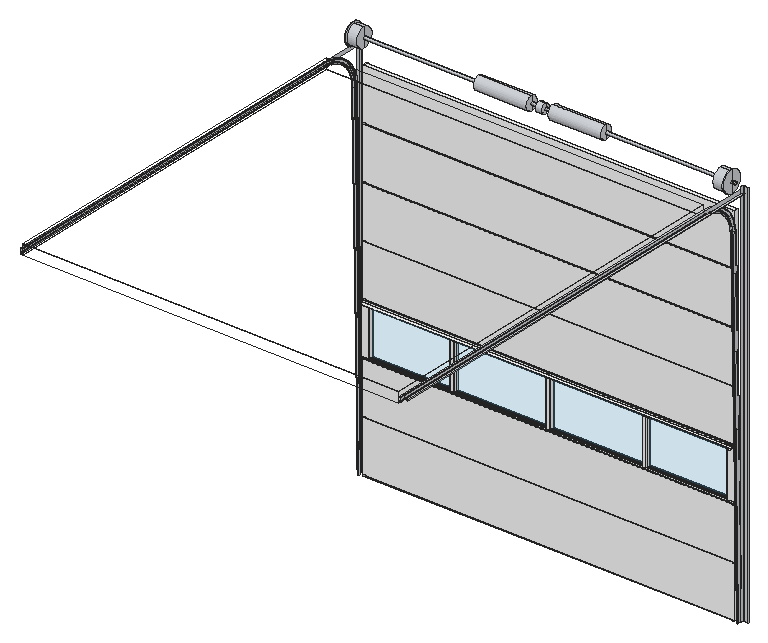
Revit family
Parameters (values of type "By Type")
  Windload = "Doors available rated for various design pressures; consult Clopay for avaialbility and specifications"
  VisSection6 = NumSections = 6  # no
  VisSection5 = NumSections > 4  # yes
  VisSection4 = NumSections > 3  # yes
  VisSection3 = NumSections > 2  # yes
  VisArray = NumSections > 6  # yes
  URL = "www.clopaydoor.com"
  Track Type = Track - Standard Lift : 15" Radius
  Track = "Galvanized steel (gauge varies according to door size)"
  Thickness = 0' - 2"  # constant formula
  Spec Wizard = "http://www.arcat.com/specwizard/08360clo/index.htm"
  Section Height = Height / NumSections  # 2' - 0"
  Section 5 Glazing = 3200 Section : Solid
  Section 4 Glazing = 3200 Section : Solid
  Section 3 Glazing = Full Vision Section : Intermediate
  Sales Information = "http://www.clopaydoor.com/where-to-buy.aspx?type=dealer"
  Rough Width = 0' - 0"  # constant formula
  Rough Height = 0' - 0"  # constant formula
  Roof Pitch = 0
  R-Value = "9.1"
  Product Features and Benefits = "http://www.clopaydoor.com/insulated-polystyrene-applications.aspx"
  Overlapping Jamb = yes
  Overlap = if(Overlapping Jamb, 0' 1", 0' 0")  # 0' - 1"
  Opening Width = 14' - 0"
  Opening Height = 14' - 0"
  Opener - Jackshaft Right Side = no
  Opener - Trolley = no
  Opener - Jackshaft Left Side = no
  Omniclass Table = "23-30 10 17 37 "
  NumSectionsNotRounded = Height / 2' 0"  # 7
  NumSections = NumSectionsNotRounded + 0.4999  # 7
  NumArraySections = if(NumSections > 6, NumSections - 5, 2)  # 2
  Model = "3200"
  Maximum Size = "Maximum 26' 2'' wide by 24' 0'' high. Additional limitations may apply do to door weight. Consult Clopay for specificiations and shop drawings."  # constant formula
  Manufacturer Website = "http://www.clopaydoor.com"
  Manufacturer Phone Number = "1-800-526-4301"
  Manufacturer Address = "1400 W. Market St., Troy, OH 45373"
  Manufacturer = "Clopay Building Products Company"
  LEED = "http://products.construction.com/swts_content_files/151607/303186.pdf"
  Keynote = "08 36 13"
  Interior Steel = "28 ga. galvanized, primed, and finish painted"
  High Lift = 4' - 0"
  Hardware = "14 ga. min. steel hinges; 10-ball steel rollers"
  GreenFormat = "http://www.greenformat.com/products/1541-Polystyrene-Insulated-Doors"
  Function = (empty or 0)
  Height = Opening Height + Rough Width * 0  # 14' - 0"
  Wall Closure = (empty or 0)
  Width = Opening Width + Rough Width * 0  # 14' - 0"
  FloorToSection7 = 6 * Section Height  # 12' - 0"
  FloorToSection6 = 5 * Section Height  # 10' - 0"
  FloorToSection5 = 4 * Section Height  # 8' - 0"
  FloorToSection4 = 3 * Section Height  # 6' - 0"
  FloorToSection3 = 2 * Section Height  # 4' - 0"
  FloorToSection2 = Section Height  # 2' - 0"
  File Revision = "01 (Aug, 2012)"
  Enterior Steel = "24 ga. galvanized, primed, and finish painted"
  Double Torsion Shaft = no
  Double End Stiles = Door Width > 14' 2"  # no
  Door Width = Opening Width + Overlap * 2  # 14' - 2"
  Door Height = Opening Height + Rough Width * 0  # 14' - 0"
  Description = "2'' thick polystyrene insulated, stucco embossed 24 gauge steel exterior with light ribbed pattern."
  Core Material = "Expanded polystyrene"
  Copyright = "2010, Clopay Building Products Company, Inc."
  Color = White
  CAD and Specifications = "http://www.clopaydoor.com/insulated-polystyrene-specs.aspx"
  Assembly Code = "B2030410"
Reference planes (in)
  plane 1 "Center (Front/Back)": y = 0
  plane 2 "Center (Left/Right)": x = 0
  plane 3 "Left": x = -84
  plane 4 "Right": x = 84
  plane 5 "Top": z = 168
  plane 6 "Exterior": y = 3
  plane 7 "Interior": y = -3
  plane 8: z = 120
  plane 9: z = 144
Lines and regions (in)
  Opening 1
    outline origin (-90, -3, 0) x (1, 0, 0) y (0, 0, 1)
      loop
        line (6, 0) -> (174, 0) -> (174, 168) -> (6, 168) -> (6, 0)
Text (in)
  text "Exterior" at (-74.96733, 27.31104, 0), in view "Ref. Level"
  text "Interior" at (-74.96733, -25.14366, 0), in view "Ref. Level"
  text "Exterior" at (0, 40.15149, 123.01588), in view "Right"
  text "Interior" at (0, -64.39139, 123.01588), in view "Right"
  text "Interior" at (0, -31.01599, 123.00693), in view "Left"
  text "Exterior" at (0, 54.57065, 123.00693), in view "Left"
Dimensions and locks (in)
  equal spacing: plane 3 "Left", plane 2 "Center (Left/Right)", plane 4 "Right"
  "Height": level to plane 5 "Top"
  "Width": plane 3 "Left" to plane 4 "Right"
  host wall to plane 5 "Top" = 14' - 0"
  nested 2 to plane 7 "Interior" = 0' - 0 1/2"
  "FloorToSection6": plane 8 to level
  "FloorToSection7": plane 9 to level
  group 1 to group 2 = 0' - 0"  (x2)
  group 1 to group 2 = 2' - 0"
  aligned and locked: plane 3 "Left" to Opening 1 sketch curve
  aligned and locked: plane 5 "Top" to Opening 1 sketch curve
  aligned and locked: Opening 1 sketch curve to plane 5 "Top"
  aligned and locked: Opening 1 sketch curve to plane 4 "Right"
  aligned and locked: Opening 1 sketch curve to level
  aligned and locked: plane 6 "Exterior" to host wall
  aligned and locked: host wall to plane 7 "Interior"
  aligned and locked: nested 1 to plane 2 "Center (Left/Right)"
  aligned and locked: nested 2 to nested 1
  aligned and locked: plane 2 "Center (Left/Right)" to nested 3
  aligned and locked: plane 2 "Center (Left/Right)" to nested 4
  aligned and locked: plane 2 "Center (Left/Right)" to nested 5
  aligned and locked: nested 6 to nested 1
  aligned and locked: plane 2 "Center (Left/Right)" to nested 7
  aligned and locked: nested 7 to plane 8
  aligned and locked: nested 8 to plane 9
  aligned and locked: plane 2 "Center (Left/Right)" to nested 10
  aligned and locked: plane 7 "Interior" to nested 3
  aligned and locked: plane 7 "Interior" to nested 4
  aligned and locked: plane 7 "Interior" to nested 5  (x2)
  aligned and locked: plane 7 "Interior" to nested 10  (x2)
  aligned and locked: plane 7 "Interior" to nested 8
  aligned and locked: nested 2 to nested 8
  aligned and locked: nested 2 to nested 7
  aligned and locked: host wall to nested 4
Nested families (in)
  nested 1: "Track - Standard Lift" at (0, 0, 0) x (-1, 0, 0) z (0, 0, 1), type <- "Track Type", type "15" Radius"
    with WallToRadiusCenter 1' - 9.33333", VerticalAngleLength 14' - 10", Vertical Track Length 13' - 4", TrackToTrack 14' - 4", Roof Pitch Deg 0.00°, Roof Pitch 0, HorizontalAngleLength -16' - 2.33333", Horizontal Track Length 14' - 6", FloorToTrolleyRail 15' - 8", FloorToShaftCL 15' - 2", FloorToJackShaft 15' - 5", Double Torsion Shaft no, Door Width 14' - 2", Door Height 14' - 0", CenterToLHTrack 7' - 2", HorizontalTrackAngle 90.00°, CenterToRHTrack -7' - 2", CenterToJackShaft 7' - 6"
  nested 2: "3200 Section" at (0, 0, 0), type "Solid"
    with X9 0' - 7 1/2", X8 0' - 7 1/2", X7 0' - 7 1/2", X6 0' - 7 1/2", X5 0' - 7 1/2", X4 11' - 7 1/2", X3 7' - 11 1/2", X2 4' - 3 1/2", NumWindows 4, NumArrayedWindows 4, Half Door Width Neg -7' - 1", Half Door Width 7' - 1", X1 0' - 7 1/2", Door Width 14' - 2"
  nested 3: "3200 Section" at (0, 0, 24), built-in parameter 1001364 <- "Section Height", type "Solid"
    with X9 0' - 7 1/2", X8 0' - 7 1/2", X7 0' - 7 1/2", X6 0' - 7 1/2", X5 0' - 7 1/2", X4 11' - 7 1/2", X3 7' - 11 1/2", X2 4' - 3 1/2", NumWindows 4, NumArrayedWindows 4, Half Door Width Neg -7' - 1", Half Door Width 7' - 1", X1 0' - 7 1/2", Door Width 14' - 2"
  nested 4: "3200 Section" at (0, 0, 120), built-in parameter 1001364 <- "FloorToSection6", visible <- "VisSection6", type "Solid"
    with X9 0' - 7 1/2", X8 0' - 7 1/2", X7 0' - 7 1/2", X6 0' - 7 1/2", X5 0' - 7 1/2", X4 11' - 7 1/2", X3 7' - 11 1/2", X2 4' - 3 1/2", NumWindows 4, NumArrayedWindows 4, Half Door Width Neg -7' - 1", Half Door Width 7' - 1", X1 0' - 7 1/2", Door Width 14' - 2"
  nested 5: "3200 Section" at (0, 0, 96), built-in parameter 1001364 <- "FloorToSection5", type <- "Section 5 Glazing", visible <- "VisSection5", type "Solid"
    with X9 0' - 7 1/2", X8 0' - 7 1/2", X7 0' - 7 1/2", X6 0' - 7 1/2", X5 0' - 7 1/2", X4 11' - 7 1/2", X3 7' - 11 1/2", X2 4' - 3 1/2", NumWindows 4, NumArrayedWindows 4, Half Door Width Neg -7' - 1", Half Door Width 7' - 1", X1 0' - 7 1/2", Door Width 14' - 2"
  nested 6: "3200 Section" at (0, 0, 72), type <- "Section 4 Glazing", built-in parameter 1001364 <- "FloorToSection4", visible <- "VisSection4", type "Solid"
    with X9 0' - 7 1/2", X8 0' - 7 1/2", X7 0' - 7 1/2", X6 0' - 7 1/2", X5 0' - 7 1/2", X4 11' - 7 1/2", X3 7' - 11 1/2", X2 4' - 3 1/2", NumWindows 4, NumArrayedWindows 4, Half Door Width Neg -7' - 1", Half Door Width 7' - 1", X1 0' - 7 1/2", Door Width 14' - 2"
  nested 7: "3200 Section" at (0, 0, 120), visible <- "VisArray", type "Solid"
    with X9 0' - 7 1/2", X8 0' - 7 1/2", X7 0' - 7 1/2", X6 0' - 7 1/2", X5 0' - 7 1/2", X4 11' - 7 1/2", X3 7' - 11 1/2", X2 4' - 3 1/2", NumWindows 4, NumArrayedWindows 4, Half Door Width Neg -7' - 1", Half Door Width 7' - 1", X1 0' - 7 1/2", Door Width 14' - 2"
  nested 8: "3200 Section" at (0, 0, 144), visible <- "VisArray", type "Solid"
    with X9 0' - 7 1/2", X8 0' - 7 1/2", X7 0' - 7 1/2", X6 0' - 7 1/2", X5 0' - 7 1/2", X4 11' - 7 1/2", X3 7' - 11 1/2", X2 4' - 3 1/2", NumWindows 4, NumArrayedWindows 4, Half Door Width Neg -7' - 1", Half Door Width 7' - 1", X1 0' - 7 1/2", Door Width 14' - 2"
  nested 9: "3200 Section" at (0, 4.53003, 370.39685), type "Windows - 24x8", not visible
    with X9 0' - 7 1/2", X8 0' - 7 1/2", X7 0' - 7 1/2", X6 0' - 7 1/2", X5 0' - 7 1/2", X4 11' - 7 1/2", X3 7' - 11 1/2", X2 4' - 3 1/2", NumWindows 4, NumArrayedWindows 4, Half Door Width Neg -7' - 1", Half Door Width 7' - 1", X1 0' - 7 1/2", Door Width 14' - 2"
  nested 10: "Full Vision Section" at (0, 0, 48), built-in parameter 1001364 <- "FloorToSection3", type <- "Section 3 Glazing", type "Intermediate"
    with SingleStileVis no, Rail Width 14' - 1 13/16", NumIntStiles 3, Half Rail Width 7' - 0 29/32", Half Door Width 7' - 1", Glass Width 14' - 0 13/16", Edge to 1st Int Stile 3' - 5", Door Width 14' - 2", ArrayStileVis yes, ArrayIntStiles 3
Definition of nested family "Track - Standard Lift"
  Parameters (values of type "15" Radius")
    WallToRadiusCenter = Door Thickness + 0' 1" + Vertical Track Length * 0' 0 1/4" / 1' 0" + Track Radius  # 1' - 8.83333"
    VerticalAngleLength = Door Height + 0' 10"  # 12' - 10"
    Vertical Track Length = Door Height - 0' 8"  # 11' - 4"
    TrackToTrack = CenterToLHTrack * 2  # 12' - 2"
    Roof Pitch Deg = atan(Roof Pitch / 12)  # 14.0362°
    Roof Pitch = 3
    Operator - Trolley = no
    Operator - Jack Shaft Right = no
    Operator - Jack Shaft Left = no
    HorizontalAngleLength = -(Horizontal Track Length + Track Radius + Vertical Track Length * 0.25 / 12 + 0' 2" - 0' 1" * Roof Pitch)  # -13' - 10.83333"
    Horizontal Track Length = Door Height + 1' 9" - Track Radius  # 12' - 6"
    FloorToTrolleyRail = FloorToShaftCL + 0' 6" - 0' 0 77/256" * Roof Pitch  # 13' - 7 25/256"
    FloorToShaftCL = Door Height + Track Radius - 0' 1"  # 13' - 2"
    FloorToJackShaft = FloorToShaftCL + 0' 3"  # 13' - 5"
    Double Torsion Shaft = yes
    Door Width = 12' - 0"
    Door Thickness = 0' - 2"
    Door Height = 12' - 0"
    CenterToLHTrack = Door Width / 2 + 0' 1" + Roof Pitch * 0' 0"  # 6' - 1"
    Track Radius = if([12" Radius Track], 1' 0", 1' 3")  # 1' - 3"
    HorizontalTrackAngle = 90.00° - Roof Pitch Deg + Roof Pitch * 0.00°  # 75.9638°
    CenterToRHTrack = -CenterToLHTrack  # -6' - 1"
    CenterToJackShaft = Door Width / 2 + 0' 5"  # 6' - 5"
    15" Radius Track = yes
    12" Radius Track = not([15" Radius Track])  # no
  Types (3): name | WallToRadiusCenter | Horizontal Track Length | FloorToTrolleyRail | FloorToShaftCL | FloorToJackShaft | Track Radius | 15" Radius Track | 12" Radius Track
    (no name) | 1' - 8.83333" | 12' - 6" | 13' - 7 25/256" | 13' - 2" | 13' - 5" | 1' - 3" | yes | no
    15" Radius | 1' - 8.83333" | 12' - 6" | 13' - 7 25/256" | 13' - 2" | 13' - 5" | 1' - 3" | yes | no
    12" Radius | 1' - 5.83333" | 12' - 9" | 13' - 4 25/256" | 12' - 11" | 13' - 2" | 1' - 0" | no | yes
  Reference planes (in)
    plane 1: y = 0
    plane 2 "Center (Left/Right)": x = 0
    plane 3 "Wall Edge": y = 3
    plane 4: y = 23.83333
    plane 5: z = 136
    plane 6: x = 73
    plane 7: x = -73
  Forms (in)
    Sweep 1, solid
      path in 3D
        loop
          line (0, 165.71667, 186.93248) -> (0, 20.1953, 150.55214)
          arc (0, 20.1953, 150.55214) -> (0, 12.10704, 145.35382) -> (0, 8.83659, 136.31243) r 15
          line (0, 8.83659, 136.31243) -> (0, 5.99672, 0)
      profile "Track Profile : Track Profile" origin (0, 7.41665, 68.15622) x (0, 0.999783, -0.020829) y (1, 0, 0)
        loop
          line (-2.03223, 73) -> (-1.97364, 73) -> (-1.97364, 73.826)
          arc (-1.97364, 73.826) -> (-1.9457, 73.89346) -> (-1.87823, 73.92141) r 0.09541
          line (-1.87823, 73.92141) -> (-0.65812, 73.92141)
          arc (-0.65812, 73.92141) -> (-0.63212, 73.9187) -> (-0.60723, 73.91071) r 0.12641
          line (-0.60723, 73.91071) -> (-0.20802, 73.73513)
          arc (-0.20802, 73.73513) -> (-0.05845, 73.52266) -> (-0.17676, 73.29133) r 0.25141
          line (-0.17676, 73.29133) -> (-0.46311, 73.1138) -> (-0.43223, 73.064) -> (-0.14589, 73.24153)
          arc (-0.14589, 73.24153) -> (0, 73.52678) -> (-0.18443, 73.78877) r 0.31
          line (-0.18443, 73.78877) -> (-0.58364, 73.96434)
          arc (-0.58364, 73.96434) -> (-0.62007, 73.97604) -> (-0.65812, 73.98) r 0.185
          line (-0.65812, 73.98) -> (-1.87823, 73.98)
          arc (-1.87823, 73.98) -> (-1.98713, 73.93489) -> (-2.03223, 73.826) r 0.154
          line (-2.03223, 73.826) -> (-2.03223, 73)
    Sweep 2, solid
      path in 3D
        loop
          line (0, 165.71667, 186.93248) -> (0, 20.1953, 150.55214)
          arc (0, 20.1953, 150.55214) -> (0, 12.10704, 145.35382) -> (0, 8.83659, 136.31243) r 15
          line (0, 8.83659, 136.31243) -> (0, 5.99672, 0)
      profile "Track Profile : Track Profile" origin (0, 7.41665, 68.15622) x (0, 0.999783, -0.020829) y (1, 0, 0)
        loop
          line (-2.03223, -73) -> (-2.03223, -73.826)
          arc (-2.03223, -73.826) -> (-1.98713, -73.93489) -> (-1.87823, -73.98) r 0.154
          line (-1.87823, -73.98) -> (-0.65812, -73.98)
          arc (-0.65812, -73.98) -> (-0.62007, -73.97604) -> (-0.58364, -73.96434) r 0.185
          line (-0.58364, -73.96434) -> (-0.18443, -73.78877)
          arc (-0.18443, -73.78877) -> (0, -73.52678) -> (-0.14589, -73.24153) r 0.31
          line (-0.14589, -73.24153) -> (-0.43223, -73.064) -> (-0.46311, -73.1138) -> (-0.17676, -73.29133)
          arc (-0.17676, -73.29133) -> (-0.05845, -73.52266) -> (-0.20802, -73.73513) r 0.25141
          line (-0.20802, -73.73513) -> (-0.60723, -73.91071)
          arc (-0.60723, -73.91071) -> (-0.63212, -73.9187) -> (-0.65812, -73.92141) r 0.12641
          line (-0.65812, -73.92141) -> (-1.87823, -73.92141)
          arc (-1.87823, -73.92141) -> (-1.9457, -73.89346) -> (-1.97364, -73.826) r 0.09541
          line (-1.97364, -73.826) -> (-1.97364, -73) -> (-2.03223, -73)
    Extrusion 3, solid, material "Transparent"
      sketch origin (73, 9, 148.94743) x (0, 0, 1) y (0, 1, 0)
        loop
          line (37.01491, 156.95921) -> (0.63457, 11.43783) -> (5.48528, 10.22516) -> (41.86562, 155.74653) -> (37.01491, 156.95921)
      from 0 to 146 <- "TrackToTrack"
    Extrusion 4, solid
      sketch origin (0, 165.71667, 186.93248) x (0, -0.242536, 0.970143) y (1, 0, 0)
        loop
          line (1.87823, 73.98) -> (1.87823, 74.06107) -> (0.47823, 74.06107) -> (0.47823, 75.48) -> (0.37823, 75.48) -> (0.37823, 73.98) -> (1.87823, 73.98)
      from -2 to -166.83333 <- "HorizontalAngleLength"
    Extrusion 5, solid
      sketch origin (0, 165.71667, 186.93248) x (0, -0.242536, 0.970143) y (1, 0, 0)
        loop
          line (1.87823, -73.98) -> (0.37823, -73.98) -> (0.37823, -75.48) -> (0.47823, -75.48) -> (0.47823, -74.08) -> (1.87823, -74.08) -> (1.87823, -73.98)
      from -2 to -166.83333 <- "HorizontalAngleLength"
    Extrusion 6, solid
      sketch origin (0, 0, 0) x (1, 0, 0) y (0, 1, 0)
        loop
          line (-73.98, 4.63) -> (-74.08, 4.63) -> (-74.08, 3.30484)
          arc (-74.08, 3.30484) -> (-74.14, 3.16) -> (-74.28484, 3.1) r 0.20484
          line (-74.28484, 3.1) -> (-76.26, 3.1) -> (-76.26, 3) -> (-74.28584, 3)
          arc (-74.28584, 3) -> (-74.06958, 3.08958) -> (-73.98, 3.30584) r 0.30584
          line (-73.98, 3.30584) -> (-73.98, 4.63)
        loop
          line (73.98, 4.63) -> (73.98, 3.30584)
          arc (73.98, 3.30584) -> (74.06958, 3.08958) -> (74.28584, 3) r 0.30584
          line (74.28584, 3) -> (76.26, 3) -> (76.26, 3.1) -> (74.28484, 3.1)
          arc (74.28484, 3.1) -> (74.14, 3.16) -> (74.08, 3.30484) r 0.20484
          line (74.08, 3.30484) -> (74.08, 4.63) -> (73.98, 4.63)
      from 0 to 154 <- "VerticalAngleLength"
    Extrusion 7, solid, visible <- "Operator - Jack Shaft Left"
      sketch origin (-60, 3, 0) x (-1, 0, 0) y (0, 0, 1)
        loop
          line (-149, 161) -> (-149, 137) -> (-137, 137) -> (-137, 161) -> (-149, 161)
      from 0 to 12
    Extrusion 8, solid, visible <- "Operator - Jack Shaft Right"
      sketch origin (-60, 3, 0) x (-1, 0, 0) y (0, 0, 1)
        loop
          line (17, 161) -> (17, 137) -> (29, 137) -> (29, 161) -> (17, 161)
      from 0 to 12
    Extrusion 9, solid, visible <- "Operator - Trolley"
      sketch origin (0, 0, 0) x (0, 1, 0) y (0, 0, 1)
        loop
          line (3.39876, 161.11455) -> (164.09305, 193.42697) -> (163.69429, 195.41008) -> (3, 163.09766) -> (3.39876, 161.11455)
      from -1 to 1
    Extrusion 10, solid, visible <- "Operator - Trolley"
      sketch origin (0, 0, 0) x (0, 1, 0) y (0, 0, 1)
        loop
          line (165.95921, 185.96234) -> (189.24263, 191.78319) -> (186.81727, 201.48462) -> (163.53385, 195.66376) -> (165.95921, 185.96234)
      from -12 to 12
  Lines and regions (in)
    reference lines, not visible
      curve 1: line (0, 23.83333, 136) -> (0, 20.1953, 150.55214)
      curve 2: line (0, 23.83333, 136) -> (0, 8.83659, 136.31243)
      curve 3: line (0, 20.1953, 150.55214) -> (0, 165.71667, 186.93248)
      curve 4: line (0, 8.83659, 136.31243) -> (0, 5.99672, 0)
      curve 5: arc (0, 20.1953, 150.55214) -> (0, 12.10704, 145.35382) -> (0, 8.83659, 136.31243) r 15
    sketch lines
      curve 6: line (0, 8.83659, 136.31243) -> (0, 5.99672, 0)
      curve 7: arc (0, 20.1953, 150.55214) -> (0, 12.10704, 145.35382) -> (0, 8.83659, 136.31243) r 15
      curve 8: line (0, 20.1953, 150.55214) -> (0, 165.71667, 186.93248)
      curve 9: line (0, 8.83659, 136.31243) -> (0, 5.99672, 0)
      curve 10: arc (0, 20.1953, 150.55214) -> (0, 12.10704, 145.35382) -> (0, 8.83659, 136.31243) r 15
      curve 11: line (0, 20.1953, 150.55214) -> (0, 165.71667, 186.93248)
  Text (in)
    text "Placement Side" at (0, 40.15149, 123.01588), in view "Right"
    text "Placement Side" at (-70.3804, 28.46503, 0), in view "Ref. Level"
    text "Placement Side" at (0, 81.62555, 140.59947), in view "Left"
  Dimensions and locks (in)
    locked: plane 3 "Wall Edge" to host wall
    "WallToRadiusCenter": plane 3 "Wall Edge" to plane 4
    "Vertical Track Length": plane 5 to level
    "Track Radius": curve 1 to curve 1
    "Track Radius": curve 2 to curve 2
    "CenterToLHTrack": plane 6 to plane 2 "Center (Left/Right)"
    "CenterToLHTrack": plane 2 "Center (Left/Right)" to plane 7
    "Horizontal Track Length": curve 5 to curve 3
    locked: curve 3 to Extrusion 3 sketch curve at 4
    locked: Extrusion 3 sketch curve to curve 3 at 1
    locked: Extrusion 4 sketch curve to Extrusion 4 sketch curve at 1.5  (x2)
    locked: Extrusion 4 sketch curve to Extrusion 4 sketch curve at 0.1
    locked: Sweep 1 to Extrusion 4 sketch curve at 0.08107
    locked: Extrusion 5 sketch curve to Extrusion 5 sketch curve at 0.1
    locked: Extrusion 5 sketch curve to Sweep 2 at 0.1
    locked: Extrusion 5 sketch curve to Extrusion 5 sketch curve at 1.5
    locked: Extrusion 5 sketch curve to Sweep 2 at 1.5
    locked: Extrusion 6 sketch curve to Extrusion 6 sketch curve at 0.1  (x4)
    locked: Extrusion 6 sketch curve to Extrusion 6 sketch curve at 2.28  (x2)
    Extrusion 6 sketch curve to Extrusion 6 sketch curve = 0' - 1.63"
    locked: Extrusion 6 sketch curve to Extrusion 6 sketch curve at 1.63  (x2)
    locked: host wall to nested 1 at 6
    locked: Extrusion 7 sketch curve to Extrusion 7 sketch curve at 12
    locked: Extrusion 7 sketch curve to Extrusion 7 sketch curve at 24
    "FloorToJackShaft": level to Extrusion 7 sketch curve
    "CenterToJackShaft": Extrusion 7 sketch curve to curve 4
    locked: Extrusion 8 sketch curve to Extrusion 8 sketch curve at 24
    locked: Extrusion 8 sketch curve to Extrusion 8 sketch curve at 12
    "CenterToJackShaft": curve 4 to Extrusion 8 sketch curve
    "FloorToShaftCL": nested 1 to level
    locked: Extrusion 9 sketch curve to Extrusion 9 sketch curve at 2.0228
    locked: Extrusion 9 sketch curve to Extrusion 3 at 2.69437
    "FloorToTrolleyRail": Extrusion 9 sketch curve to level
    locked: Extrusion 10 sketch curve to Extrusion 10 sketch curve at 10
    locked: Extrusion 10 sketch curve to Extrusion 10 sketch curve at 24
    "Track Radius": radius of curve 5
    radius of Extrusion 6 sketch curve = 0' - 0.30584"
    radius of Extrusion 6 sketch curve = 0' - 0.20484"
    "HorizontalTrackAngle": angle curve 1 to plane 5
    locked: curve 2 to plane 5 (angle 1.1935°)
    locked: curve 1 to curve 3 (angle 90.00°)
    locked: curve 4 to curve 2 (angle 90.00°)
    angle Extrusion 9 sketch curve to Extrusion 9 sketch curve = 90.00°  (x2)
    aligned and locked: plane 5 to curve 2
    aligned and locked: plane 4 to curve 2
    aligned and locked: level to curve 4
    aligned and locked: Extrusion 3 sketch curve to curve 3
    aligned and locked: Extrusion 3 sketch curve to curve 1
    aligned and locked: Extrusion 4 sketch curve to Sweep 1
    aligned and locked: Extrusion 5 sketch curve to Sweep 2
    aligned and locked: Extrusion 4 to Extrusion 5 sketch curve
    aligned and locked: Sweep 2 to Extrusion 6 sketch curve
    aligned and locked: Extrusion 6 sketch curve to Sweep 1
    aligned and locked: Extrusion 6 sketch curve to host wall
    aligned and locked: nested 1 to curve 4
    aligned and locked: Extrusion 7 to Extrusion 8 sketch curve
    aligned and locked: Extrusion 3 to Extrusion 9 sketch curve
    aligned and locked: host wall to Extrusion 9 sketch curve
    aligned and locked: Extrusion 10 sketch curve to Extrusion 3  (x2)
  Automatic sketch dimensions
    Sweep 1 to Extrusion 4 sketch curve = 0' - 1.59541"
    Extrusion 6 sketch curve to host wall = 0' - 0"
    Extrusion 6 sketch curve to Extrusion 6 sketch curve = 0' - 0.20484"
    Extrusion 6 sketch curve to Extrusion 6 sketch curve = 0' - 0.00101"
  Nested families (in)
    nested 1: "Torsion Assembly - Standard Lift" at (0, 9, 94.84779), type "Torsion Assembly - High Lift"
  Definition of nested family "Torsion Assembly - Standard Lift"
    Parameters (values of type "Torsion Assembly - Standard Lift")
      Spring Length = if(Door Width < 6' 0", 1' 0", 2' 0")  # 2' - 0"
      HalfShaft2Length = HalfShaftLength + 1' 0"  # 7' - 3 1/2"
      Double Torsion Shaft = no
      Door Width = 12' - 0"
      HalfShaftLength = (Door Width + 0' 7") / 2  # 6' - 3 1/2"
      Assembly Code = ""
    Types (2): name | Double Torsion Shaft
      Torsion Assembly - Standard Lift | no
      Torsion Assembly - High Lift | yes
    Reference planes (in)
      plane 1 "Center (Front/Back)": y = 0
      plane 2: z = 63.15221
      plane 3 "Center (Left/Right)": x = 0
      plane 4: z = 75.15221
      plane 5: z = 63.15221
    Forms (in)
      Revolve 1, solid
        sketch origin (0, 0, 0) x (1, 0, 0) y (0, 0, 1)
          loop
            line (5, 63.65221) -> (1.38578, 63.65221) -> (1.38578, 65.15221) -> (-1.36422, 65.15221) -> (-1.36422, 63.65221) -> (-5, 63.65221) -> (-5, 66.15221) -> (-29, 66.15221) -> (-29, 63.65221) -> (-68.5, 63.65221) -> (-68.5, 67.45823) -> (-73, 67.45823) -> (-73, 67.95823) -> (-73.5, 67.95823) -> (-73.5, 63.65221) -> (-75.5, 63.65221) -> (-75.5, 63.15221) -> (-73.5, 63.15221) -> (73.5, 63.15221) -> (75.5, 63.15221) -> (75.5, 63.65221) -> (73.5, 63.65221) -> (73.5, 67.95823) -> (73, 67.95823) -> (73, 67.45823) -> (68.5, 67.45823) -> (68.5, 63.65221) -> (29, 63.65221) -> (29, 66.15221) -> (5, 66.15221) -> (5, 63.65221)
          axis (-75.5, 63.15221) -> (75.5, 63.15221)
        angle from 0 to 360
      Revolve 2, solid, visible <- "Double Torsion Shaft"
        sketch origin (0, 0, 12) x (1, 0, 0) y (0, 0, 1)
          loop
            line (5, 63.65221) -> (1.38578, 63.65221) -> (1.38578, 65.15221) -> (-1.36422, 65.15221) -> (-1.36422, 63.65221) -> (-5, 63.65221) -> (-5, 66.15221) -> (-29, 66.15221) -> (-29, 63.65221) -> (-74.5, 63.65221) -> (-74.5, 67.45823) -> (-79, 67.45823) -> (-79, 67.95823) -> (-79.5, 67.95823) -> (-79.5, 63.65221) -> (-87.5, 63.65221) -> (-87.5, 63.15221) -> (-79.5, 63.15221) -> (79.5, 63.15221) -> (87.5, 63.15221) -> (87.5, 63.65221) -> (79.5, 63.65221) -> (79.5, 67.95823) -> (79, 67.95823) -> (79, 67.45823) -> (74.5, 67.45823) -> (74.5, 63.65221) -> (29, 63.65221) -> (29, 66.15221) -> (5, 66.15221) -> (5, 63.65221)
          axis (-87.5, 63.15221) -> (87.5, 63.15221)
        angle from 0 to 360
    Dimensions and locks (in)
      locked: Revolve 1 sketch curve to Revolve 1 sketch curve at 0.5  (x4)
      locked: Revolve 1 sketch curve to Revolve 1 sketch curve at 4.80602
      locked: Revolve 1 sketch curve to Revolve 1 sketch curve at 2.75
      locked: Revolve 1 sketch curve to plane 3 "Center (Left/Right)" at 1.38578
      locked: Revolve 1 sketch curve to Revolve 1 sketch curve at 3
      locked: Revolve 1 sketch curve to Revolve 1 sketch curve at 2  (x3)
      locked: Revolve 1 sketch curve to plane 3 "Center (Left/Right)" at 5
      "Spring Length": Revolve 1 sketch curve to Revolve 1 sketch curve  (x2)
      locked: plane 3 "Center (Left/Right)" to Revolve 1 sketch curve at 5
      locked: Revolve 1 sketch curve to Revolve 1 sketch curve at 5  (x2)
      "HalfShaftLength": Revolve 1 sketch curve to plane 3 "Center (Left/Right)"
      "HalfShaftLength": plane 3 "Center (Left/Right)" to Revolve 1 sketch curve
      locked: Revolve 2 sketch curve to Revolve 2 sketch curve at 0.5  (x4)
      locked: Revolve 2 sketch curve to Revolve 2 sketch curve at 4.80602
      locked: Revolve 2 sketch curve to Revolve 2 sketch curve at 2.75
      locked: Revolve 2 sketch curve to Revolve 2 sketch curve at 3
      locked: Revolve 2 sketch curve to Revolve 2 sketch curve at 2
      "Spring Length": Revolve 2 sketch curve to Revolve 2 sketch curve  (x2)
      locked: Revolve 2 sketch curve to Revolve 2 sketch curve at 5  (x2)
      locked: Revolve 2 sketch curve to Revolve 2 sketch curve at 8  (x2)
      locked: Revolve 2 to plane 4 at 0.5
      locked: plane 4 to level at 12
      "HalfShaft2Length": plane 3 "Center (Left/Right)" to Revolve 2 sketch curve
      "HalfShaft2Length": Revolve 2 sketch curve to plane 3 "Center (Left/Right)"
      locked: plane 3 "Center (Left/Right)" to Revolve 2 sketch curve at 5
      locked: Revolve 2 sketch curve to plane 3 "Center (Left/Right)" at 5
      aligned and locked: plane 2 to level
      aligned and locked: plane 5 to level
    Automatic sketch dimensions
      Revolve 1 sketch curve to level = 0' - 0"  (x2)
      Revolve 1 sketch curve to Revolve 1 sketch curve = 0' - 0"  (x2)
      Revolve 1 sketch curve to Revolve 1 sketch curve = 0' - 11.98222"
      Revolve 1 sketch curve to Revolve 1 sketch curve = 0' - 11.01778"
      level to Revolve 1 sketch curve = 0' - 0 1/2"  (x4)
      Revolve 1 sketch curve to Revolve 1 sketch curve = 0' - 0 1/2"  (x2)
      Revolve 1 sketch curve to Revolve 1 sketch curve = 0' - 2 1/2"
      Revolve 1 sketch curve to Revolve 1 sketch curve = 0' - 3.80602"
      level to Revolve 2 sketch curve = 1' - 0 1/2"  (x2)
      Revolve 2 sketch curve to Revolve 2 sketch curve = 0' - 0"  (x2)
      Revolve 2 sketch curve to Revolve 2 sketch curve = 0' - 11.98222"
      Revolve 2 sketch curve to plane 3 "Center (Left/Right)" = 0' - 1.36422"
      Revolve 2 sketch curve to Revolve 2 sketch curve = 0' - 11.01778"
      level to Revolve 2 sketch curve = 1' - 0"
      Revolve 2 sketch curve to Revolve 2 sketch curve = 0' - 1 1/2"
      Revolve 2 sketch curve to Revolve 2 sketch curve = 0' - 0 1/2"  (x3)
      Revolve 2 sketch curve to Revolve 2 sketch curve = 0' - 2 1/2"  (x2)
      Revolve 2 sketch curve to Revolve 2 sketch curve = 0' - 3.80602"
Definition of nested family "3200 Section"
  Parameters (values of type "Windows - 24x12")
    X9 = if(if(NumArrayedWindows < NumWindows, NumArrayedWindows + 1, NumWindows) < 9, X1, X8 + WindowSpacing)  # 0' - 7 1/2"
    X8 = if(if(NumArrayedWindows < NumWindows, NumArrayedWindows + 1, NumWindows) < 8, X1, X7 + WindowSpacing)  # 0' - 7 1/2"
    X7 = if(if(NumArrayedWindows < NumWindows, NumArrayedWindows + 1, NumWindows) < 7, X1, X6 + WindowSpacing)  # 0' - 7 1/2"
    X6 = if(if(NumArrayedWindows < NumWindows, NumArrayedWindows + 1, NumWindows) < 6, X1, X5 + WindowSpacing)  # 0' - 7 1/2"
    X5 = if(if(NumArrayedWindows < NumWindows, NumArrayedWindows + 1, NumWindows) < 5, X1, X4 + WindowSpacing)  # 0' - 7 1/2"
    X4 = if(if(NumArrayedWindows < NumWindows, NumArrayedWindows + 1, NumWindows) < 4, X1, X3 + WindowSpacing)  # 11' - 7 1/2"
    X3 = if(or(NumWindows < 3, SingleWindowVis), X1, X2 + WindowSpacing)  # 7' - 11 1/2"
    X2 = if(NumWindows < 2, ((Door Width - (NumWindows - 1) * WindowSpacing) / 2 - Cutout Width / 2), ((Door Width - (NumWindows - 1) * WindowSpacing) / 2 - Cutout Width / 2) + WindowSpacing)  # 4' - 3 1/2"
    Windows (2) = 3200 Window : 24x12
    Windows = 3200 Window Array : 24x12
    WindowSpacing = if(and(Door Width < 10' 0", Door Width > 9' 2"), 3' 4", 3' 8")  # 3' - 8"
    WindowArrayVis = and(or(and(Window Type Index = 4, Door Width > 7' 6", Door Width < 16' 3"), Window Type Index = 3, Window Type Index = 2), not(SingleWindowVis))  # yes
    WindowCutDepth = if(or(Window Type Index = 1, and(Door Width < 7' 8", Window Type Index = 4), and(Window Type Index = 4, Door Width > 16' 2")), -0' 0 13/128", 0' 2")  # 0' - 2"
    Window Type Index = 3
    SingleWindowVis = and(X2 = X1, NumWindows = 3, Window Type Index = 4)  # no
    Section Height = 2' - 0"
    RibSpacing = Section Height / (NumRibs + 1)  # 0' - 4"
    NumWindows = if(Door Width < 9' 4", 2, if(Door Width < 13' 4", 3, if(Door Width < 16' 4", 4, if(Door Width < 20' 4", 5, if(Door Width < 24' 4", 6, if(Door Width < 26' 4", 7, if(Door Width < 31' 8", 8, 10)))))))  # 4
    NumRibs = if(Section Height < 1' 9", 3, if(Section Height < 2' 0", 4, 5))  # 5
    NumArrayedWindows = if(X2 = X1, if(NumWindows < 4, 2, NumWindows - 2), NumWindows)  # 4
    Half Section Height = Section Height / 2  # 1' - 0"
    Half Door Width Neg = -Half Door Width  # -7' - 1"
    Half Door Width = Door Width / 2  # 7' - 1"
    Half Cutout Height = Cutout Height / 2  # 0' - 5 1/2"
    Function = (empty or 0)
    Height = 0' - 0"
    Wall Closure = (empty or 0)
    Width = 0' - 0"
    X1 = if(if(Window Type Index = 4, if(or(and(Door Width < 11' 0", Door Width > 9' 2"), and(Door Width < 15' 3", Door Width > 13' 2")), X2, (Door Width - (NumWindows - 1) * WindowSpacing) / 2 - Cutout Width / 2), if(or(and(Door Width > 16' 2", Door Width < 16' 7")), X2, (Door Width - (NumWindows - 1) * WindowSpacing) / 2 - Cutout Width / 2)) < 0' 1", 0' 1", if(Window Type Index = 4, if(or(and(Door Width < 11' 0", Door Width > 9' 2"), and(Door Width < 15' 3", Door Width > 13' 2")), X2, (Door Width - (NumWindows - 1) * WindowSpacing) / 2 - Cutout Width / 2), if(or(and(Door Width > 16' 2", Door Width < 16' 7")), X2, (Door Width - (NumWindows - 1) * WindowSpacing) / 2 - Cutout Width / 2)))  # 0' - 7 1/2"
    Door Width = 14' - 2"
    CutoutToCutout = 1' - 0"
    Cutout Width = if(Window Type Index = 4, 3' 2", 1' 11")  # 1' - 11"
    Cutout Height = if(Window Type Index = 4, 1' 0", if(Window Type Index = 3, 0' 11", 0' 7"))  # 0' - 11"
    Color = White
    BtmTo1stRib = RibSpacing  # 0' - 4"
    Assembly Code = ""
  Types (3): name | X9 | X8 | X7 | X6 | X5 | X4 | X3 | X2 | Windows (2) | Windows | WindowArrayVis | WindowCutDepth | Window Type Index | NumWindows | NumArrayedWindows | Half Door Width Neg | Half Door Width | Half Cutout Height | X1 | Door Width | Cutout Height
    Windows - 24x12 | 0' - 7 1/2" | 0' - 7 1/2" | 0' - 7 1/2" | 0' - 7 1/2" | 0' - 7 1/2" | 11' - 7 1/2" | 7' - 11 1/2" | 4' - 3 1/2" | 3200 Window : 24x12 | 3200 Window Array : 24x12 | yes | 0' - 2" | 3 | 4 | 4 | -7' - 1" | 7' - 1" | 0' - 5 1/2" | 0' - 7 1/2" | 14' - 2" | 0' - 11"
    Windows - 24x8 | 3' - 6 1/2" | 3' - 6 1/2" | 3' - 6 1/2" | 3' - 6 1/2" | 3' - 6 1/2" | 10' - 10 1/2" | 7' - 2 1/2" | 3' - 6 1/2" | 3200 Window : 24x8 | 3200 Window Array : 24x8 | yes | 0' - 2" | 2 | 5 | 3 | -8' - 2" | 8' - 2" | 0' - 3 1/2" | 3' - 6 1/2" | 16' - 4" | 0' - 7"
    Solid | 1' - 5 1/2" | 1' - 5 1/2" | 1' - 5 1/2" | 1' - 5 1/2" | 1' - 5 1/2" | 1' - 5 1/2" | 8' - 9 1/2" | 5' - 1 1/2" | 3200 Window : 24x8 | 3200 Window : 24x8 | no | -0' - 0 13/128" | 1 | 3 | 3 | -6' - 1" | 6' - 1" | 0' - 3 1/2" | 1' - 5 1/2" | 12' - 2" | 0' - 7"
  Reference planes (in)
    plane 1 "Center (Front/Back)": y = 0
    plane 2 "Center (Left/Right)": x = 0
    plane 3 "Exterior": y = 3
    plane 4 "Interior": y = -3
    plane 5: y = -3.5
    plane 6: x = 85
    plane 7: x = -85
    plane 8: z = 4
    plane 9: z = 8
    plane 10: z = 24
    plane 11: z = 12
    plane 12: z = 0
  Forms (in)
    Extrusion 1, solid, material "White" <- "Color"
      sketch origin (-85, -12, 83.08252) x (0, 0, 1) y (0, -1, 0)
        loop
          line (-59.08252, -8.37573) -> (-59.08252, -6.62444)
          arc (-59.08252, -6.62444) -> (-59.11897, -6.53645) -> (-59.20696, -6.5) r 0.12444
          line (-59.20696, -6.5) -> (-82.95809, -6.5)
          arc (-82.95809, -6.5) -> (-83.04608, -6.53645) -> (-83.08252, -6.62444) r 0.12444
          line (-83.08252, -6.62444) -> (-83.08252, -8.37573)
          arc (-83.08252, -8.37573) -> (-83.04612, -8.4636) -> (-82.95825, -8.5) r 0.12427
          line (-82.95825, -8.5) -> (-59.20679, -8.5)
          arc (-59.20679, -8.5) -> (-59.11892, -8.4636) -> (-59.08252, -8.37573) r 0.12427
      from 0 to 170 <- "Door Width"
    Extrusion 2, void
      sketch origin (-98.15385, -3.5, 48) x (1, 0, 0) y (0, 0, 1)
        loop
          line (175.65385, -30.5) -> (152.65385, -30.5) -> (152.65385, -36) -> (175.65385, -36) -> (175.65385, -30.5)
      from 0 to 2 <- "WindowCutDepth"
    Extrusion 3, void
      sketch origin (-98.15385, -3.5, -24) x (1, 0, 0) y (0, 0, 1)
        loop
          line (175.65385, 30.5) -> (175.65385, 36) -> (152.65385, 36) -> (152.65385, 30.5) -> (175.65385, 30.5)
      from 0 to 2 <- "WindowCutDepth"
    Extrusion 4, void
      sketch origin (-136.15385, -3.5, 48) x (1, 0, 0) y (0, 0, 1)
        loop
          line (169.65385, -30.5) -> (146.65385, -30.5) -> (146.65385, -36) -> (169.65385, -36) -> (169.65385, -30.5)
      from 0 to 2 <- "WindowCutDepth"
    Extrusion 5, void
      sketch origin (-136.15385, -3.5, -24) x (1, 0, 0) y (0, 0, 1)
        loop
          line (169.65385, 30.5) -> (169.65385, 36) -> (146.65385, 36) -> (146.65385, 30.5) -> (169.65385, 30.5)
      from 0 to 2 <- "WindowCutDepth"
    Extrusion 6, void
      sketch origin (-171.15385, -3.5, 48) x (1, 0, 0) y (0, 0, 1)
        loop
          line (160.65385, -30.5) -> (137.65385, -30.5) -> (137.65385, -36) -> (160.65385, -36) -> (160.65385, -30.5)
      from 0 to 2 <- "WindowCutDepth"
    Extrusion 7, void
      sketch origin (-171.15385, -3.5, -24) x (1, 0, 0) y (0, 0, 1)
        loop
          line (160.65385, 30.5) -> (160.65385, 36) -> (137.65385, 36) -> (137.65385, 30.5) -> (160.65385, 30.5)
      from 0 to 2 <- "WindowCutDepth"
    Extrusion 8, void
      sketch origin (-214.15385, -3.5, 48) x (1, 0, 0) y (0, 0, 1)
        loop
          line (159.65385, -30.5) -> (136.65385, -30.5) -> (136.65385, -36) -> (159.65385, -36) -> (159.65385, -30.5)
      from 0 to 2 <- "WindowCutDepth"
    Extrusion 9, void
      sketch origin (-214.15385, -3.5, -24) x (1, 0, 0) y (0, 0, 1)
        loop
          line (159.65385, 30.5) -> (159.65385, 36) -> (136.65385, 36) -> (136.65385, 30.5) -> (159.65385, 30.5)
      from 0 to 2 <- "WindowCutDepth"
    Extrusion 10, void
      sketch origin (-256.15385, -3.5, 48) x (1, 0, 0) y (0, 0, 1)
        loop
          line (333.65385, -30.5) -> (310.65385, -30.5) -> (310.65385, -36) -> (333.65385, -36) -> (333.65385, -30.5)
      from 0 to 2 <- "WindowCutDepth"
    Extrusion 11, void
      sketch origin (-256.15385, -3.5, -24) x (1, 0, 0) y (0, 0, 1)
        loop
          line (333.65385, 30.5) -> (333.65385, 36) -> (310.65385, 36) -> (310.65385, 30.5) -> (333.65385, 30.5)
      from 0 to 2 <- "WindowCutDepth"
    Extrusion 12, void
      sketch origin (-294.15385, -3.5, 48) x (1, 0, 0) y (0, 0, 1)
        loop
          line (371.65385, -30.5) -> (348.65385, -30.5) -> (348.65385, -36) -> (371.65385, -36) -> (371.65385, -30.5)
      from 0 to 2 <- "WindowCutDepth"
    Extrusion 13, void
      sketch origin (-294.15385, -3.5, -24) x (1, 0, 0) y (0, 0, 1)
        loop
          line (371.65385, 30.5) -> (371.65385, 36) -> (348.65385, 36) -> (348.65385, 30.5) -> (371.65385, 30.5)
      from 0 to 2 <- "WindowCutDepth"
    Extrusion 14, void
      sketch origin (-331.15385, -3.5, 48) x (1, 0, 0) y (0, 0, 1)
        loop
          line (408.65385, -30.5) -> (385.65385, -30.5) -> (385.65385, -36) -> (408.65385, -36) -> (408.65385, -30.5)
      from 0 to 2 <- "WindowCutDepth"
    Extrusion 15, void
      sketch origin (-331.15385, -3.5, -24) x (1, 0, 0) y (0, 0, 1)
        loop
          line (408.65385, 30.5) -> (408.65385, 36) -> (385.65385, 36) -> (385.65385, 30.5) -> (408.65385, 30.5)
      from 0 to 2 <- "WindowCutDepth"
    Extrusion 16, void
      sketch origin (-368.15385, -3.5, 48) x (1, 0, 0) y (0, 0, 1)
        loop
          line (445.65385, -30.5) -> (422.65385, -30.5) -> (422.65385, -36) -> (445.65385, -36) -> (445.65385, -30.5)
      from 0 to 2 <- "WindowCutDepth"
    Extrusion 17, void
      sketch origin (-368.15385, -3.5, -24) x (1, 0, 0) y (0, 0, 1)
        loop
          line (445.65385, 30.5) -> (445.65385, 36) -> (422.65385, 36) -> (422.65385, 30.5) -> (445.65385, 30.5)
      from 0 to 2 <- "WindowCutDepth"
    Extrusion 18, void
      sketch origin (-407.15385, -3.5, 48) x (1, 0, 0) y (0, 0, 1)
        loop
          line (484.65385, -30.5) -> (461.65385, -30.5) -> (461.65385, -36) -> (484.65385, -36) -> (484.65385, -30.5)
      from 0 to 2 <- "WindowCutDepth"
    Extrusion 19, void
      sketch origin (-407.15385, -3.5, -24) x (1, 0, 0) y (0, 0, 1)
        loop
          line (484.65385, 30.5) -> (484.65385, 36) -> (461.65385, 36) -> (461.65385, 30.5) -> (484.65385, 30.5)
      from 0 to 2 <- "WindowCutDepth"
    Extrusion 20, void
      sketch origin (0, -8.99984, -0.5) x (0, 1, 0) y (0, 0, -1)
        loop
          line (5.49984, -4.62727) -> (5.49984, -4.37273) -> (5.46952, -4.41942)
          arc (5.46952, -4.41942) -> (5.46231, -4.43506) -> (5.45984, -4.4521) r 0.06
          line (5.45984, -4.4521) -> (5.45984, -4.5479)
          arc (5.45984, -4.5479) -> (5.46231, -4.56494) -> (5.46952, -4.58058) r 0.06
          line (5.46952, -4.58058) -> (5.49984, -4.62727)
      from -85 <- "Half Door Width Neg" to 170 <- "Door Width"
    Extrusion 21, void
      sketch origin (0, -8.99984, 3.5) x (0, 1, 0) y (0, 0, -1)
        loop
          line (5.49984, -4.62727) -> (5.49984, -4.37273) -> (5.46952, -4.41942)
          arc (5.46952, -4.41942) -> (5.46231, -4.43506) -> (5.45984, -4.4521) r 0.06
          line (5.45984, -4.4521) -> (5.45984, -4.5479)
          arc (5.45984, -4.5479) -> (5.46231, -4.56494) -> (5.46952, -4.58058) r 0.06
          line (5.46952, -4.58058) -> (5.49984, -4.62727)
      from -85 <- "Half Door Width Neg" to 170 <- "Door Width"
    Extrusion 22, void
      sketch origin (0, -8.99984, 7.5) x (0, 1, 0) y (0, 0, -1)
        loop
          line (5.49984, -4.62727) -> (5.49984, -4.37273) -> (5.46952, -4.41942)
          arc (5.46952, -4.41942) -> (5.46231, -4.43506) -> (5.45984, -4.4521) r 0.06
          line (5.45984, -4.4521) -> (5.45984, -4.5479)
          arc (5.45984, -4.5479) -> (5.46231, -4.56494) -> (5.46952, -4.58058) r 0.06
          line (5.46952, -4.58058) -> (5.49984, -4.62727)
      from -85 <- "Half Door Width Neg" to 170 <- "Door Width"
    Extrusion 23, void
      sketch origin (0, -8.99984, 11.5) x (0, 1, 0) y (0, 0, -1)
        loop
          line (5.49984, -4.62727) -> (5.49984, -4.37273) -> (5.46952, -4.41942)
          arc (5.46952, -4.41942) -> (5.46231, -4.43506) -> (5.45984, -4.4521) r 0.06
          line (5.45984, -4.4521) -> (5.45984, -4.5479)
          arc (5.45984, -4.5479) -> (5.46231, -4.56494) -> (5.46952, -4.58058) r 0.06
          line (5.46952, -4.58058) -> (5.49984, -4.62727)
      from -85 <- "Half Door Width Neg" to 170 <- "Door Width"
    Extrusion 24, void
      sketch origin (0, -8.99984, 15.5) x (0, 1, 0) y (0, 0, -1)
        loop
          line (5.49984, -4.62727) -> (5.49984, -4.37273) -> (5.46952, -4.41942)
          arc (5.46952, -4.41942) -> (5.46231, -4.43506) -> (5.45984, -4.4521) r 0.06
          line (5.45984, -4.4521) -> (5.45984, -4.5479)
          arc (5.45984, -4.5479) -> (5.46231, -4.56494) -> (5.46952, -4.58058) r 0.06
          line (5.46952, -4.58058) -> (5.49984, -4.62727)
      from -85 <- "Half Door Width Neg" to 170 <- "Door Width"
  Cuts and joins
    Extrusion 2, Extrusion 3, Extrusion 4, Extrusion 5, Extrusion 6, Extrusion 7, Extrusion 8, Extrusion 9, Extrusion 10, Extrusion 11, Extrusion 12, Extrusion 13, Extrusion 14, Extrusion 15, Extrusion 16, Extrusion 17, Extrusion 18, Extrusion 19, Extrusion 20, Extrusion 21, Extrusion 22, Extrusion 23, Extrusion 24 cuts Extrusion 1
  Lines and regions (in)
    reference lines
      curve 1: line (-72, -3.54, 4) -> (-72, -3.5, 4)
      curve 2: line (-72, -3.54, 8) -> (-72, -3.5, 8)
      curve 3: line (-72, -3.54, 12) -> (-72, -3.5, 12)
      curve 4: line (-72, -3.54, 16) -> (-72, -3.5, 16)
      curve 5: line (-72, -3.54, 20) -> (-72, -3.5, 20)
  Text (in)
    text "Exterior" at (-74.96733, 27.31104, 0), in view "Ref. Level"
    text "Interior" at (-74.96733, -25.14366, 0), in view "Ref. Level"
    text "Exterior" at (0, 40.15149, 123.01588), in view "Right"
    text "Interior" at (0, -64.39139, 123.01588), in view "Right"
    text "Interior" at (0, -31.01599, 123.00693), in view "Left"
    text "Exterior" at (0, 54.57065, 123.00693), in view "Left"
  Dimensions and locks (in)
    plane 4 "Interior" to plane 5 = 0' - 0 1/2"
    "Half Door Width": plane 2 "Center (Left/Right)" to plane 7
    "Half Door Width": plane 6 to plane 2 "Center (Left/Right)"
    Extrusion 1 sketch curve to Extrusion 1 sketch curve = 0' - 2"
    "BtmTo1stRib": plane 8 to level
    "RibSpacing": plane 9 to plane 8
    "Section Height": plane 10 to level
    "Half Section Height": level to plane 11
    "Cutout Width": Extrusion 2 sketch curve to Extrusion 2 sketch curve
    "Half Cutout Height": Extrusion 2 sketch curve to Extrusion 2 sketch curve
    "Cutout Width": Extrusion 3 sketch curve to Extrusion 3 sketch curve
    "Half Cutout Height": Extrusion 3 sketch curve to Extrusion 3 sketch curve
    "X1": cut or joined group 1 (Extrusion 1, Extrusion 2, Extrusion 3, Extrusion 4, Extrusion 5, Extrusion 6, Extrusion 7, Extrusion 8, Extrusion 9, Extrusion 10, Extrusion 11, Extrusion 12, Extrusion 13, Extrusion 14, Extrusion 15, Extrusion 16, Extrusion 17, Extrusion 18, Extrusion 19, Extrusion 20, Extrusion 21, Extrusion 22, Extrusion 23, Extrusion 24) to cut or joined group 1
    "Cutout Width": Extrusion 4 sketch curve to Extrusion 4 sketch curve
    "Half Cutout Height": Extrusion 4 sketch curve to Extrusion 4 sketch curve
    "Cutout Width": Extrusion 5 sketch curve to Extrusion 5 sketch curve
    "Half Cutout Height": Extrusion 5 sketch curve to Extrusion 5 sketch curve
    "Cutout Width": Extrusion 6 sketch curve to Extrusion 6 sketch curve
    "Half Cutout Height": Extrusion 6 sketch curve to Extrusion 6 sketch curve
    "Cutout Width": Extrusion 7 sketch curve to Extrusion 7 sketch curve
    "Half Cutout Height": Extrusion 7 sketch curve to Extrusion 7 sketch curve
    "X2": plane 6 to cut or joined group 1
    "X3": plane 6 to cut or joined group 1
    "Cutout Width": Extrusion 8 sketch curve to Extrusion 8 sketch curve
    "Half Cutout Height": Extrusion 8 sketch curve to Extrusion 8 sketch curve
    "Cutout Width": Extrusion 9 sketch curve to Extrusion 9 sketch curve
    "Half Cutout Height": Extrusion 9 sketch curve to Extrusion 9 sketch curve
    "Cutout Width": Extrusion 10 sketch curve to Extrusion 10 sketch curve
    "Half Cutout Height": Extrusion 10 sketch curve to Extrusion 10 sketch curve
    "Cutout Width": Extrusion 11 sketch curve to Extrusion 11 sketch curve
    "Half Cutout Height": Extrusion 11 sketch curve to Extrusion 11 sketch curve
    "Cutout Width": Extrusion 12 sketch curve to Extrusion 12 sketch curve
    "Half Cutout Height": Extrusion 12 sketch curve to Extrusion 12 sketch curve
    "Cutout Width": Extrusion 13 sketch curve to Extrusion 13 sketch curve
    "Half Cutout Height": Extrusion 13 sketch curve to Extrusion 13 sketch curve
    "Cutout Width": Extrusion 14 sketch curve to Extrusion 14 sketch curve
    "Half Cutout Height": Extrusion 14 sketch curve to Extrusion 14 sketch curve
    "Cutout Width": Extrusion 15 sketch curve to Extrusion 15 sketch curve
    "Half Cutout Height": Extrusion 15 sketch curve to Extrusion 15 sketch curve
    "Cutout Width": Extrusion 16 sketch curve to Extrusion 16 sketch curve
    "Half Cutout Height": Extrusion 16 sketch curve to Extrusion 16 sketch curve
    "Cutout Width": Extrusion 17 sketch curve to Extrusion 17 sketch curve
    "Half Cutout Height": Extrusion 17 sketch curve to Extrusion 17 sketch curve
    "Cutout Width": Extrusion 18 sketch curve to Extrusion 18 sketch curve
    "Half Cutout Height": Extrusion 18 sketch curve to Extrusion 18 sketch curve
    "Cutout Width": Extrusion 19 sketch curve to Extrusion 19 sketch curve
    "Half Cutout Height": Extrusion 19 sketch curve to Extrusion 19 sketch curve
    "X4": plane 6 to cut or joined group 1
    "X5": plane 6 to cut or joined group 1
    "X6": plane 6 to cut or joined group 1
    "X7": plane 6 to cut or joined group 1
    "X8": plane 6 to cut or joined group 1
    "X9": plane 6 to cut or joined group 1
    locked: nested 1 to cut or joined group 1 at 1  (x2)
    locked: nested 1 to cut or joined group 1 at 0.125
    locked: nested 2 to cut or joined group 1 at 1  (x2)
    locked: nested 2 to plane 5 at 0.125
    Extrusion 20 sketch curve to Extrusion 20 sketch curve = 0' - 0.25454"
    Extrusion 20 sketch curve to Extrusion 20 sketch curve = 0' - 0.04"  (x2)
    Extrusion 20 sketch curve to curve 1 = 0' - 0.12727"
    Extrusion 21 sketch curve to Extrusion 21 sketch curve = 0' - 0.25454"
    Extrusion 21 sketch curve to Extrusion 21 sketch curve = 0' - 0.04"  (x2)
    Extrusion 21 sketch curve to curve 2 = 0' - 0.12727"
    equal spacing: group 1, group 2, group 3, group 4, group 5  (x3)
    Extrusion 22 sketch curve to Extrusion 22 sketch curve = 0' - 0.25454"
    Extrusion 22 sketch curve to Extrusion 22 sketch curve = 0' - 0.04"  (x2)
    Extrusion 22 sketch curve to curve 3 = 0' - 0.12727"
    locked: plane 5 to plane 4 "Interior" at 0.5
    Extrusion 23 sketch curve to Extrusion 23 sketch curve = 0' - 0.25454"
    Extrusion 23 sketch curve to Extrusion 23 sketch curve = 0' - 0.04"  (x2)
    Extrusion 23 sketch curve to curve 4 = 0' - 0.12727"
    Extrusion 24 sketch curve to Extrusion 24 sketch curve = 0' - 0.25454"
    Extrusion 24 sketch curve to Extrusion 24 sketch curve = 0' - 0.04"  (x2)
    Extrusion 24 sketch curve to curve 5 = 0' - 0.12727"
    radius of Extrusion 1 sketch curve = 0' - 0.12427"  (x2)
    radius of Extrusion 1 sketch curve = 0' - 0.12444"  (x2)
    angle Extrusion 20 sketch curve to Extrusion 20 sketch curve = 147.00°  (x2)
    angle Extrusion 21 sketch curve to Extrusion 21 sketch curve = 147.00°  (x2)
    angle Extrusion 22 sketch curve to Extrusion 22 sketch curve = 147.00°  (x2)
    angle Extrusion 23 sketch curve to Extrusion 23 sketch curve = 147.00°  (x2)
    angle Extrusion 24 sketch curve to Extrusion 24 sketch curve = 147.00°  (x2)
    aligned and locked: Extrusion 1 sketch curve to plane 5
    aligned and locked: Extrusion 2 sketch curve to plane 11
    aligned and locked: plane 11 to Extrusion 3 sketch curve
    aligned and locked: cut or joined group 1 to cut or joined group 1  (x9)
    aligned and locked: plane 12 to level
    aligned: plane 9 to curve 2  (x2)
    aligned and locked: plane 8 to curve 1
    aligned and locked: plane 9 to curve 2
  Automatic sketch dimensions
    curve 1 to curve 1 = 0' - 0.04"
    Extrusion 20 sketch curve to Extrusion 20 sketch curve = 0' - 0"
    Extrusion 20 sketch curve to Extrusion 20 sketch curve = 0' - 0.02"
    Extrusion 20 sketch curve to Extrusion 20 sketch curve = 0' - 0.00968"  (x2)
    Extrusion 21 sketch curve to Extrusion 21 sketch curve = 0' - 0"
    Extrusion 21 sketch curve to Extrusion 21 sketch curve = 0' - 0.02"
    Extrusion 21 sketch curve to Extrusion 21 sketch curve = 0' - 0.00968"  (x2)
    Extrusion 22 sketch curve to Extrusion 22 sketch curve = 0' - 0"
    Extrusion 22 sketch curve to Extrusion 22 sketch curve = 0' - 0.02"
    Extrusion 22 sketch curve to Extrusion 22 sketch curve = 0' - 0.00968"  (x2)
    Extrusion 1 sketch curve to level = 0' - 0"
    Extrusion 1 sketch curve to plane 10 = 0' - 0"
    plane 2 "Center (Left/Right)" to Extrusion 2 sketch curve = 4' - 6 1/2"
    plane 2 "Center (Left/Right)" to Extrusion 3 sketch curve = 4' - 6 1/2"
    Extrusion 4 sketch curve to plane 11 = 0' - 0"
    plane 2 "Center (Left/Right)" to Extrusion 4 sketch curve = 0' - 10 1/2"
    Extrusion 5 sketch curve to plane 11 = 0' - 0"
    plane 2 "Center (Left/Right)" to Extrusion 5 sketch curve = 0' - 10 1/2"
    Extrusion 6 sketch curve to plane 11 = 0' - 0"
    plane 7 to Extrusion 6 sketch curve = 4' - 3 1/2"
    Extrusion 7 sketch curve to plane 11 = 0' - 0"
    plane 7 to Extrusion 7 sketch curve = 4' - 3 1/2"
    Extrusion 8 sketch curve to plane 11 = 0' - 0"
    Extrusion 8 sketch curve to plane 2 "Center (Left/Right)" = 6' - 5 1/2"
    Extrusion 9 sketch curve to plane 11 = 0' - 0"
    Extrusion 9 sketch curve to plane 2 "Center (Left/Right)" = 6' - 5 1/2"
    Extrusion 10 sketch curve to plane 11 = 0' - 0"
    plane 2 "Center (Left/Right)" to Extrusion 10 sketch curve = 4' - 6 1/2"
    Extrusion 11 sketch curve to plane 11 = 0' - 0"
    plane 2 "Center (Left/Right)" to Extrusion 11 sketch curve = 4' - 6 1/2"
    Extrusion 12 sketch curve to plane 11 = 0' - 0"
    plane 2 "Center (Left/Right)" to Extrusion 12 sketch curve = 4' - 6 1/2"
    Extrusion 13 sketch curve to plane 11 = 0' - 0"
    plane 2 "Center (Left/Right)" to Extrusion 13 sketch curve = 4' - 6 1/2"
    Extrusion 14 sketch curve to plane 11 = 0' - 0"
    plane 2 "Center (Left/Right)" to Extrusion 14 sketch curve = 4' - 6 1/2"
    Extrusion 15 sketch curve to plane 11 = 0' - 0"
    plane 2 "Center (Left/Right)" to Extrusion 15 sketch curve = 4' - 6 1/2"
    Extrusion 16 sketch curve to plane 11 = 0' - 0"
    plane 2 "Center (Left/Right)" to Extrusion 16 sketch curve = 4' - 6 1/2"
    Extrusion 17 sketch curve to plane 11 = 0' - 0"
    plane 2 "Center (Left/Right)" to Extrusion 17 sketch curve = 4' - 6 1/2"
    Extrusion 18 sketch curve to plane 11 = 0' - 0"
    plane 2 "Center (Left/Right)" to Extrusion 18 sketch curve = 4' - 6 1/2"
    Extrusion 19 sketch curve to plane 11 = 0' - 0"
    plane 2 "Center (Left/Right)" to Extrusion 19 sketch curve = 4' - 6 1/2"
    Extrusion 23 sketch curve to Extrusion 23 sketch curve = 0' - 0"
    Extrusion 23 sketch curve to Extrusion 23 sketch curve = 0' - 0.02"
    Extrusion 23 sketch curve to Extrusion 23 sketch curve = 0' - 0.00968"  (x2)
    Extrusion 24 sketch curve to Extrusion 24 sketch curve = 0' - 0"
    Extrusion 24 sketch curve to Extrusion 24 sketch curve = 0' - 0.02"
    Extrusion 24 sketch curve to Extrusion 24 sketch curve = 0' - 0.00968"  (x2)
  Nested families (in)
    nested 1: "3200 Window Array" at (66, -3.375, 7.5) x (-1, 0, 0) z (0, 0, 1), type <- "Windows", visible <- "WindowArrayVis", type "24x12"
      with Frame Width 2' - 1", Frame Height 1' - 1"
    nested 2: "3200 Window" at (29.05882, -3.375, 6.85294), type <- "Windows (2)", visible <- "SingleWindowVis", type "24x12"
  Definition of nested family "3200 Window Array"
    Parameters (values of type "40x14")
      Window Spacing = 3' - 8"
      NumWindows = 4
      Frame Width = 3' - 4"
      Frame Height = 1' - 2"
      Color = Tan
      Assembly Code = ""
    Types (3): name | Frame Width | Frame Height
      24x8 | 2' - 1" | 0' - 9"
      28x14 | 2' - 4" | 1' - 2"
      40x14 | 3' - 4" | 1' - 2"
    Reference planes (in)
      plane 1 "Center (Front/Back)": y = 0
      plane 2: z = 0
      plane 3 "Center (Left/Right)": x = 0
      plane 4: y = -1
    Forms (in)
      Extrusion 1, solid, material "Tan" <- "Color"
        sketch origin (-1.38592, 0, 0) x (1, 0, 0) y (0, 0, 1)
          loop
            line (-15.92291, -0.72794) -> (19.57709, -0.72794)
            arc (19.57709, -0.72794) -> (20.01904, -0.54488) -> (20.20209, -0.10294) r 0.625
            line (20.20209, -0.10294) -> (20.20209, 9.39706)
            arc (20.20209, 9.39706) -> (20.01904, 9.839) -> (19.57709, 10.02206) r 0.625
            line (19.57709, 10.02206) -> (-15.92291, 10.02206)
            arc (-15.92291, 10.02206) -> (-16.36485, 9.839) -> (-16.54791, 9.39706) r 0.625
            line (-16.54791, 9.39706) -> (-16.54791, -0.10294)
            arc (-16.54791, -0.10294) -> (-16.36485, -0.54488) -> (-15.92291, -0.72794) r 0.625
          loop
            line (-17.54791, -2.35294) -> (21.20209, -2.35294)
            arc (21.20209, -2.35294) -> (21.64404, -2.16988) -> (21.82709, -1.72794) r 0.625
            line (21.82709, -1.72794) -> (21.82709, 11.02206)
            arc (21.82709, 11.02206) -> (21.64404, 11.464) -> (21.20209, 11.64706) r 0.625
            line (21.20209, 11.64706) -> (-17.54791, 11.64706)
            arc (-17.54791, 11.64706) -> (-17.98985, 11.464) -> (-18.17291, 11.02206) r 0.625
            line (-18.17291, 11.02206) -> (-18.17291, -1.72794)
            arc (-18.17291, -1.72794) -> (-17.98985, -2.16988) -> (-17.54791, -2.35294) r 0.625
        from 0 to 2.25
      Extrusion 2, solid, material "Glass"
        sketch origin (0, -1, 15.9844) x (0, 0, 1) y (-1, 0, 0)
          loop
            arc (-5.96234, 17.30882) -> (-6.1454, 17.75077) -> (-6.58734, 17.93382) r 0.625
